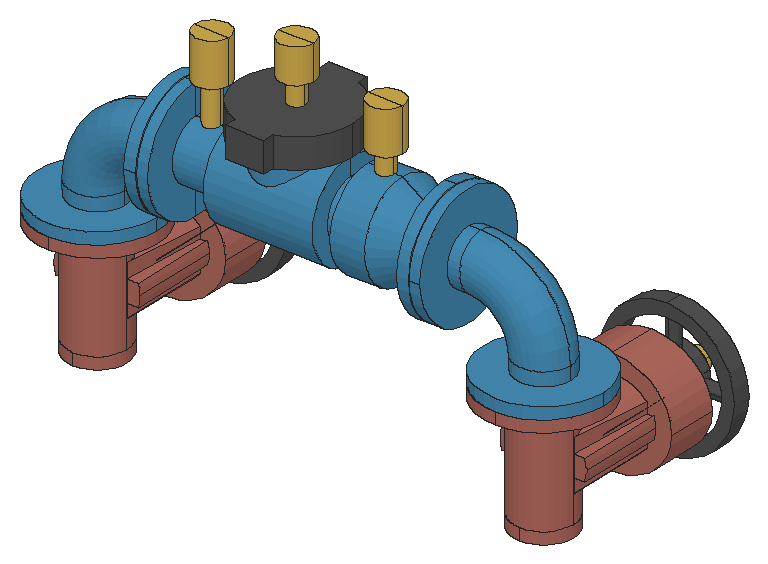
Revit family "backflow_preventer-dc-zurn_wilkins-model_450_450G-(212-3_inch)", category Pipe Accessories, Revit 2022 (continued)
Definition of nested family "Gate Valve_450 2.5in NRS"
  Automatic sketch dimensions
    Blend 5 sketch curve to plane 3 "Center (Left/Right)" = 0' - 0 5/8"  (x4)
    Blend 5 sketch curve to plane 16 = 0' - 0.08399"  (x4)
    plane 3 "Center (Left/Right)" to Blend 5 sketch curve = 0' - 0 5/8"  (x4)
    Blend 5 sketch curve to Blend 5 sketch curve = 0' - 0.08399"
    Blend 5 sketch curve to Blend 5 sketch curve = 0' - 0.41601"
    curve 4 to plane 13 = 0' - 0"
    plane 38 to Revolve 7 sketch curve = 0' - 0 1/2"
    plane 38 to Revolve 7 sketch curve = 0' - 0.48903"
    Revolve 7 sketch curve to plane 30 = 0' - 5 1/8"
    Revolve 7 sketch curve to plane 37 = 0' - 0 3/8"
    plane 37 to Revolve 7 sketch curve = 0' - 0 7/8"
    Revolve 11 sketch curve to plane 33 = 0' - 0 1/4"
    plane 33 to Revolve 11 sketch curve = 0' - 0 1/2"
    Revolve 12 sketch curve to plane 37 = 0' - 0"
    Revolve 12 sketch curve to Revolve 12 sketch curve = 0' - 0 1/4"
    Revolve 12 sketch curve to Revolve 12 sketch curve = 0' - 1 1/4"
Definition of nested family "Symbolic diagram 450G"
  Parameters (values of type "212"")
    Width = 1' - 0"
    Weight = ""
    URL = "www.zurn.com/"
    Symbol total length = 2' - 9 1/2"
    Standards Compliance = ""
    Specification Sheet URL = ""
    Repair Parts URL = ""
    Rated Flow = 0 GPM
    Product Page URL = ""
    Product Install & Maintenance Sheet URL [instance] = ""
    Pressure Loss at Rated Flow = 0.00 psi
    Nominal Radius = 0' - 0"
    Nominal Diameter = 0' - 0"
    Max Working Water Temperature = 0 °F
    Max Working Water Pressure = 0.00 psi
    Manufacturer = "Zurn Wilkins"
    Length = 2' - 0"
    Hydrostatic Test Pressure = 0.00 psi
    Height = 1' - 0"
    Flow = ""
    Flange Dia = 0' - 7"
    Default Elevation = 0' - 0"
  Types (2): name | Symbol total length | Flange Dia
    212" | 2' - 9 1/2" | 0' - 7"
    3" | 2' - 10 1/2" | 0' - 7 1/2"
  Reference planes (in)
    plane 1 "Center (Front/Back)": y = 0
    plane 2: z = 0
    plane 3 "Center (Left/Right)": x = 0
    plane 4 "Left Side Plane": x = -12
    plane 5 "Right side Plane": x = 12
    plane 6 "Back Plane": y = 6
    plane 7 "Front Plane": y = -6
    plane 8 "Top Plane": z = 6
    plane 9 "Bottom Plane": z = -6
    plane 10: z = 1.875
    plane 11: z = -1.875
    plane 12: x = 0.75
    plane 13: x = -0.75
    plane 14: x = -6.75
    plane 15: x = -8.25
    plane 16: x = -14.25
    plane 17: x = 6.75
    plane 18: x = 8.25
    plane 19: x = 14.25
    plane 20: x = -3.75
    plane 21: x = -11.25
    plane 22: x = 3.75
    plane 23: x = 11.25
    plane 24: z = 8.3125
    plane 25: z = 9.75
    plane 26: x = -16.75
    plane 27: x = 16.75
    plane 28: z = -4
    plane 29: z = -7.9375
    plane 30: z = -5.96875
    plane 31: z = -8.9375
    plane 32: y = 1.875
    plane 33: y = -1.875
    plane 34: y = 8.3125
    plane 35: y = 9.75
    plane 36: y = -4
    plane 37: y = -7.9375
    plane 38: y = -5.96875
    plane 39: y = 3
    plane 40: y = -8.9375
    plane 41: z = 0
    plane 42: z = -3.25
    plane 43: x = -2.75
    plane 44: x = 4.75
    plane 45: z = -2.75
    plane 46: z = -3.75
    plane 47: y = -3.25
    plane 48: y = -2.75
    plane 49: y = -3.75
    plane 50: x = -15
    plane 51: x = 15
    plane 52: y = -3.5
    plane 53: y = 3.5
    plane 54: z = -3.5
    plane 55: z = 3.5
  Lines and regions (in)
    symbolic lines, detail levels coarse+medium
      curve 1: line (-0.75, 0, 1.875) -> (-0.75, 0, -1.875)
      curve 2: line (-0.75, 0, -1.875) -> (-6.75, 0, 1.875)
      curve 3: line (-6.75, 0, 1.875) -> (-6.75, 0, -1.875)
      curve 4: line (-6.75, 0, 0) -> (-8.25, 0, 0)
      curve 5: line (-8.25, 0, -1.875) -> (-8.25, 0, 1.875)
      curve 6: line (-8.25, 0, 1.875) -> (-14.25, 0, -1.875)
      curve 7: line (-14.25, 0, -1.875) -> (-14.25, 0, 1.875)
      curve 8: line (-14.25, 0, 1.875) -> (-8.25, 0, -1.875)
      curve 9: line (-0.75, 0, 0) -> (0.75, 0, 0)
      curve 10: line (0.75, 0, -1.875) -> (0.75, 0, 1.875)
      curve 11: line (0.75, 0, 1.875) -> (6.75, 0, -1.875)
      curve 12: line (6.75, 0, -1.875) -> (6.75, 0, 1.875)
      curve 13: line (6.75, 0, 0) -> (8.25, 0, 0)
      curve 14: line (8.25, 0, -1.875) -> (8.25, 0, 1.875)
      curve 15: line (8.25, 0, 1.875) -> (14.25, 0, -1.875)
      curve 16: line (14.25, 0, -1.875) -> (14.25, 0, 1.875)
      curve 17: line (14.25, 0, 1.875) -> (8.25, 0, -1.875)
      curve 18: line (-3.75, 0, 0) -> (-3.75, 0, 3)
      curve 19: line (-4.57135, 0, 1.30857) -> (-2.87525, 0, 0.24874)
      curve 20: line (-4.57135, 0, 2.05857) -> (-2.87525, 0, 0.99874)
      curve 21: line (-4.57135, 0, 2.80857) -> (-2.87525, 0, 1.74874)
      curve 22: line (3.75, 0, 0) -> (3.75, 0, 3)
      curve 23: line (2.92865, 0, 1.30857) -> (4.62475, 0, 0.24874)
      curve 24: line (2.92865, 0, 2.05857) -> (4.62475, 0, 0.99874)
      curve 25: line (2.92865, 0, 2.80857) -> (4.62475, 0, 1.74874)
      curve 26: line (14.25, 0, 0) -> (16.75, 0, 0)
      curve 27: line (-16.75, 0, 0) -> (-14.25, 0, 0)
      curve 55: line (-6.75, 0, -3.25) -> (-2.75, 0, -3.25)
      curve 56: line (-2.75, 0, -2.75) -> (-0.75, 0, -3.25)
      curve 57: line (-0.75, 0, -3.25) -> (-2.75, 0, -3.75)
      curve 58: line (-2.75, 0, -3.75) -> (-2.75, 0, -2.75)
      curve 59: line (0.75, 0, -3.25) -> (4.75, 0, -3.25)
      curve 60: line (4.75, 0, -2.75) -> (4.75, 0, -3.75)
      curve 61: line (4.75, 0, -2.75) -> (6.75, 0, -3.25)
      curve 62: line (6.75, 0, -3.25) -> (4.75, 0, -3.75)
      curve 71: line (0, -3.5, 0) -> (0, 3.5, 0)
      curve 72: line (0, 0, 3.5) -> (0, 0, -3.5)
    model lines, detail levels coarse+medium
      curve 28: line (-0.75, 1.875, 0) -> (-0.75, -1.875, 0)
      curve 29: line (-0.75, -1.875, 0) -> (-6.75, 1.875, 0)
      curve 30: line (-6.75, 1.875, 0) -> (-6.75, -1.875, 0)
      curve 31: line (-6.75, 0, 0) -> (-8.25, 0, 0)
      curve 32: line (-8.25, 1.875, 0) -> (-8.25, -1.875, 0)
      curve 33: line (-8.25, -1.875, 0) -> (-14.25, 1.875, 0)
      curve 34: line (-14.25, 1.875, 0) -> (-14.25, -1.875, 0)
      curve 35: line (-14.25, -1.875, 0) -> (-8.25, 1.875, 0)
      curve 36: line (-14.25, 0, 0) -> (-16.75, 0, 0)
      curve 37: line (0.75, -1.875, 0) -> (0.75, 1.875, 0)
      curve 38: line (0.75, 1.875, 0) -> (6.75, -1.875, 0)
      curve 39: line (6.75, -1.875, 0) -> (6.75, 1.875, 0)
      curve 40: line (6.75, 0, 0) -> (8.25, 0, 0)
      curve 41: line (8.25, 1.875, 0) -> (8.25, -1.875, 0)
      curve 42: line (8.25, -1.875, 0) -> (14.25, 1.875, 0)
      curve 43: line (8.25, 1.875, 0) -> (14.25, -1.875, 0)
      curve 44: line (14.25, -1.875, 0) -> (14.25, 1.875, 0)
      curve 45: line (14.25, 0, 0) -> (16.75, 0, 0)
      curve 46: line (-0.75, 0, 0) -> (0.75, 0, 0)
      curve 47: line (-3.75, 0, 0) -> (-3.75, 3, 0)
      curve 48: line (3.75, 0, 0) -> (3.75, 3, 0)
      curve 49: line (-4.69543, 1.62104, 0) -> (-2.78744, 0.42854, 0)
      curve 50: line (-4.69543, 2.37104, 0) -> (-2.78744, 1.17854, 0)
      curve 51: line (-4.69543, 3.12104, 0) -> (-2.78744, 1.92854, 0)
      curve 52: line (2.80457, 1.62104, 0) -> (4.71256, 0.42854, 0)
      curve 53: line (2.80457, 2.37104, 0) -> (4.71256, 1.17854, 0)
      curve 54: line (2.80457, 3.12104, 0) -> (4.71256, 1.92854, 0)
      curve 63: line (-6.75, -3.25, 0) -> (-2.75, -3.25, 0)
      curve 64: line (-2.75, -2.75, 0) -> (-2.75, -3.75, 0)
      curve 65: line (-2.75, -3.75, 0) -> (-0.75, -3.25, 0)
      curve 66: line (-0.75, -3.25, 0) -> (-2.75, -2.75, 0)
      curve 67: line (0.75, -3.25, 0) -> (4.75, -3.25, 0)
      curve 68: line (4.75, -2.75, 0) -> (4.75, -3.75, 0)
      curve 69: line (4.75, -3.75, 0) -> (6.75, -3.25, 0)
      curve 70: line (6.75, -3.25, 0) -> (4.75, -2.75, 0)
  Dimensions and locks (in)
    equal spacing: plane 5 "Right side Plane", plane 3 "Center (Left/Right)", plane 4 "Left Side Plane"
    "Length": plane 5 "Right side Plane" to plane 4 "Left Side Plane"
    equal spacing: plane 8 "Top Plane", plane 2, plane 9 "Bottom Plane"
    "Height": plane 8 "Top Plane" to plane 9 "Bottom Plane"
    equal spacing: plane 7 "Front Plane", plane 1 "Center (Front/Back)", plane 6 "Back Plane"
    "Width": plane 7 "Front Plane" to plane 6 "Back Plane"
    equal spacing: plane 10, plane 2, plane 11
    locked: plane 10 to plane 11 at 3.75
    equal spacing: plane 12, plane 3 "Center (Left/Right)", plane 13
    locked: plane 12 to plane 13 at 1.5
    locked: plane 13 to plane 14 at 6
    locked: plane 14 to plane 15 at 1.5
    locked: plane 15 to plane 16 at 6
    locked: plane 17 to plane 18 at 1.5
    locked: plane 18 to plane 19 at 6
    locked: plane 12 to plane 17 at 6
    equal spacing: plane 13, plane 20, plane 14
    equal spacing: plane 15, plane 21, plane 16
    equal spacing: plane 12, plane 22, plane 17
    equal spacing: plane 18, plane 23, plane 19
    locked: plane 24 to level at 8.3125
    locked: plane 25 to plane 2 at 9.75
    equal spacing: plane 27, plane 3 "Center (Left/Right)", plane 26
    "Symbol total length": plane 27 to plane 26
    locked: level to plane 28 at 4
    locked: plane 28 to plane 29 at 3.9375
    equal spacing: plane 28, plane 30, plane 29
    locked: plane 29 to plane 31 at 1
    locked: plane 32 to plane 33 at 3.75
    equal spacing: plane 32, plane 1 "Center (Front/Back)", plane 33
    locked: plane 34 to plane 1 "Center (Front/Back)" at 8.3125
    locked: plane 35 to plane 1 "Center (Front/Back)" at 9.75
    locked: plane 36 to plane 1 "Center (Front/Back)" at 4
    locked: plane 36 to plane 37 at 3.9375
    equal spacing: plane 36, plane 38, plane 37
    locked: plane 39 to plane 1 "Center (Front/Back)" at 3
    locked: plane 37 to plane 40 at 1
    locked: plane 2 to plane 42 at 3.25
    locked: plane 43 to plane 14 at 4
    locked: plane 44 to plane 12 at 4
    plane 45 to plane 42 to plane 46 = 0' - 0 1/2" locked, 0' - 0 1/2" locked
    locked: plane 47 to plane 1 "Center (Front/Back)" at 3.25
    plane 48 to plane 47 to plane 49 = 0' - 0 1/2" locked, 0' - 0 1/2" locked
    locked: plane 16 to plane 50 at 0.75
    locked: plane 19 to plane 51 at 0.75
    equal spacing: plane 52, plane 1 "Center (Front/Back)", plane 53
    "Flange Dia": plane 52 to plane 53
    equal spacing: plane 55, plane 2, plane 54
    "Flange Dia": plane 55 to plane 54
    aligned and locked: plane 2 to level
    aligned and locked: plane 16 to curve 7
    aligned and locked: plane 15 to curve 5
    aligned and locked: plane 11 to curve 5
    aligned and locked: plane 10 to curve 7
    aligned and locked: plane 11 to curve 7
    aligned and locked: level to curve 4
    aligned and locked: plane 15 to curve 4
    aligned and locked: plane 14 to curve 4
    aligned and locked: curve 3 to plane 14
    aligned and locked: curve 1 to plane 13
    aligned and locked: plane 10 to curve 3
    aligned and locked: plane 11 to curve 3
    aligned and locked: plane 10 to curve 1
    aligned and locked: plane 13 to curve 9
    aligned and locked: plane 12 to curve 9
    aligned and locked: plane 10 to curve 10
    aligned and locked: plane 11 to curve 10
    aligned and locked: plane 12 to curve 10
    aligned and locked: curve 12 to plane 17
    aligned and locked: plane 10 to curve 12
    aligned and locked: plane 17 to curve 13
    aligned and locked: plane 18 to curve 13
    aligned and locked: plane 11 to curve 14
    aligned and locked: curve 14 to plane 18
    aligned and locked: curve 16 to plane 19
    aligned and locked: plane 10 to curve 16
    aligned and locked: plane 11 to curve 16
    aligned and locked: plane 20 to curve 18
    aligned and locked: level to curve 18
    aligned and locked: curve 22 to plane 22
    aligned and locked: level to curve 22
    aligned and locked: curve 26 to level
    aligned and locked: plane 27 to curve 26
    aligned and locked: plane 26 to curve 27
    aligned and locked: curve 27 to level
    aligned and locked: curve 44 to plane 19
    aligned and locked: plane 33 to curve 44
    aligned and locked: plane 18 to curve 40
    aligned and locked: plane 17 to curve 40
    aligned and locked: plane 1 "Center (Front/Back)" to curve 40
    aligned and locked: plane 1 "Center (Front/Back)" to curve 45
    aligned and locked: plane 27 to curve 45
    aligned and locked: plane 33 to curve 37
    aligned and locked: plane 12 to curve 37
    aligned and locked: plane 32 to curve 39
    aligned and locked: plane 33 to curve 29
    aligned and locked: plane 32 to curve 28
    aligned and locked: plane 33 to curve 30
    aligned and locked: plane 33 to curve 33
    aligned and locked: plane 32 to curve 35
    aligned and locked: curve 31 to plane 1 "Center (Front/Back)"
    aligned and locked: plane 14 to curve 31
    aligned and locked: plane 15 to curve 31
    aligned and locked: plane 33 to curve 35
    aligned and locked: plane 32 to curve 34
    aligned and locked: curve 36 to plane 1 "Center (Front/Back)"
    aligned and locked: plane 26 to curve 36
    aligned and locked: plane 13 to curve 46
    aligned and locked: plane 12 to curve 46
    aligned and locked: plane 1 "Center (Front/Back)" to curve 46
    aligned and locked: plane 32 to curve 43
    aligned and locked: plane 33 to curve 42
    aligned and locked: plane 33 to curve 38
    aligned and locked: plane 32 to curve 42
    aligned and locked: plane 32 to curve 37
    aligned and locked: plane 32 to curve 29
    aligned and locked: plane 16 to curve 35
    aligned and locked: plane 15 to curve 33
    aligned and locked: plane 13 to curve 29
    aligned and locked: plane 18 to curve 42
    aligned and locked: plane 20 to curve 47
    aligned and locked: plane 39 to curve 47
    aligned and locked: plane 39 to curve 48
    aligned and locked: curve 48 to plane 22
    aligned and locked: plane 1 "Center (Front/Back)" to curve 47
    aligned and locked: plane 1 "Center (Front/Back)" to curve 48
    aligned and locked: plane 2 to plane 41
    aligned and locked: curve 55 to plane 42
    aligned and locked: plane 43 to curve 55
    aligned and locked: plane 14 to curve 55
    aligned and locked: plane 43 to curve 58
    aligned and locked: plane 45 to curve 58
    aligned and locked: plane 46 to curve 58
    aligned and locked: curve 59 to plane 42
    aligned and locked: plane 12 to curve 59
    aligned and locked: curve 60 to plane 44
    aligned and locked: plane 44 to curve 59
    aligned and locked: plane 46 to curve 60
    aligned and locked: plane 45 to curve 60
    aligned and locked: curve 67 to plane 47
    aligned and locked: plane 12 to curve 67
    aligned and locked: plane 44 to curve 67
    aligned and locked: plane 49 to curve 69
    aligned and locked: plane 17 to curve 70
    aligned and locked: plane 44 to curve 69
    aligned and locked: plane 48 to curve 68
    aligned and locked: plane 13 to curve 66
    aligned and locked: plane 49 to curve 64
    aligned and locked: plane 48 to curve 66
    aligned and locked: plane 43 to curve 65
    aligned and locked: plane 43 to curve 63
    aligned and locked: plane 14 to curve 63
    aligned and locked: curve 63 to plane 47
    aligned and locked: level to curve 31
    aligned and locked: curve 63 to curve 30
    aligned and locked: curve 71 to plane 2
    aligned and locked: plane 1 "Center (Front/Back)" to curve 72
    aligned and locked: plane 52 to curve 71
    aligned and locked: plane 53 to curve 71
    aligned and locked: plane 55 to curve 72
    aligned and locked: plane 54 to curve 72
    aligned and locked: plane 16 to curve 27
    aligned and locked: plane 19 to curve 26
    aligned and locked: plane 19 to curve 45
    aligned and locked: plane 16 to curve 36
  Automatic sketch dimensions
    curve 56 to plane 13 = 0' - 0"
    plane 17 to curve 62 = 0' - 0"
    curve 62 to plane 42 = 0' - 0"
    curve 57 to plane 42 = 0' - 0"
    curve 13 to level = 0' - 0"
    curve 5 to plane 10 = 0' - 0"
    curve 15 to plane 10 = 0' - 0"
    curve 19 to plane 20 = 0' - 0.82135"
    curve 21 to plane 20 = 0' - 0.82135"
    plane 10 to curve 20 = 0' - 0 47/256"
    curve 21 to curve 20 = 0' - 0"
    curve 20 to plane 43 = 0' - 0.12525"
    curve 19 to plane 43 = 0' - 0.12525"
    curve 21 to plane 43 = 0' - 0.12525"
    plane 22 to curve 25 = 0' - 0.82135"
    plane 22 to curve 23 = 0' - 0.82135"
    plane 10 to curve 24 = 0' - 0 47/256"
    curve 25 to curve 24 = 0' - 0"
    curve 24 to plane 44 = 0' - 0.12525"
    curve 23 to plane 44 = 0' - 0.12525"
    curve 25 to plane 44 = 0' - 0.12525"
    level to curve 23 = 0' - 0.24874"
    level to curve 19 = 0' - 0.24874"
    curve 19 to curve 20 = 0' - 0 3/4"
    curve 23 to curve 24 = 0' - 0 3/4"
    curve 19 to plane 10 = 0' - 0 145/256"
    curve 23 to plane 10 = 0' - 0 145/256"
    curve 21 to plane 10 = 0' - 0.12626"
    curve 25 to plane 10 = 0' - 0.12626"
    curve 21 to plane 55 = 0' - 0 177/256"
    curve 25 to plane 55 = 0' - 0 177/256"
    curve 18 to plane 55 = 0' - 0 1/2"
    curve 22 to plane 55 = 0' - 0 1/2"
    curve 70 to plane 47 = 0' - 0"
    curve 66 to plane 47 = 0' - 0"
    curve 50 to plane 20 = 0' - 0.94543"
    plane 39 to curve 51 = 0' - 0.12104"
    curve 51 to curve 50 = 0' - 0"
    curve 49 to plane 32 = 0' - 0.25396"
    curve 49 to curve 50 = 0' - 0"
    curve 50 to plane 43 = 0' - 0.03744"
    curve 49 to plane 43 = 0' - 0.03744"
    curve 51 to plane 43 = 0' - 0.03744"
    plane 22 to curve 53 = 0' - 0.94543"
    plane 39 to curve 54 = 0' - 0.12104"
    curve 54 to curve 53 = 0' - 0"
    curve 52 to plane 32 = 0' - 0.25396"
    curve 52 to curve 53 = 0' - 0"
    curve 53 to plane 44 = 0' - 0.03744"
    curve 52 to plane 44 = 0' - 0.03744"
    curve 54 to plane 44 = 0' - 0.03744"
    curve 49 to plane 1 "Center (Front/Back)" = 0' - 0.42854"
    curve 52 to plane 1 "Center (Front/Back)" = 0' - 0.42854"
    curve 50 to plane 32 = 0' - 0.69646"
    curve 53 to plane 32 = 0' - 0.69646"
    plane 32 to curve 51 = 0' - 0.05354"
    plane 32 to curve 54 = 0' - 0.05354"
    plane 32 to curve 53 = 0' - 0.49604"
    plane 32 to curve 50 = 0' - 0.49604"
    curve 9 to level = 0' - 0"
Types (4): name | Test Cock Center Height | Symbol Distance | Symbol | Relief valve loction | Product Weight (lbs) | Gate valve | Gate Valve Distance | DIM C Body center to Gate end | DIM B Overall Height | DIM A Length | Rated Flow | Pressure Loss at Rated Flow | Nominal Diameter | Length | Tesk Cock Height | Symbol Length | Height | Gate Length | Elbow Length | Elbow | Body Top radius | Body Sub A | Nominal Radius | Model | Flange Diameter | Test Cock Second Position | Test Cock First Position | Access Panel Radius | Body Size Factor | Body Large Radius | Body Small Radius | Main Body Length
  212-450 (2-1/2" 450) | 0' - 3 3/8" | 0' - 0" | Symbolic diagram 450 : 212" | 0' - 8 1/16" | 182 | Gate Valve_450 2.5in NRS : 2 1/2" | 0' - 8 1/2" | 0' - 11 3/8" | 1' - 8 1/2" | 2' - 2" | 225 GPM | 8.40 psi | 0' - 2 1/2" | 2' - 2" | 0' - 6" | 0' - 3" | 1' - 8 1/2" | 0' - 7 1/2" | 0' - 5 1/16" | Zurn - Flange - Elbow 450 2.5 NRS : 2.5 | 0' - 2 1/2" | 0' - 6.35" | 0' - 1 1/4" | "450" | 0' - 7" | 0' - 11 3/4" | 0' - 1 5/8" | 0' - 3.81" | 0' - 2 1/2" | 0' - 2.8" | 0' - 1 3/4" | 1' - 3 7/8"
  3-450 (3" 450) | 0' - 3" | 0' - 0" | Symbolic diagram 450 : 3" | 0' - 8 5/8" | 207 | Gate Valve_450 2.5in NRS : 3" | 0' - 9 1/2" | 1' - 0 3/8" | 1' - 9 1/2" | 2' - 3" | 320 GPM | 8.20 psi | 0' - 3" | 2' - 3" | 0' - 8" | 0' - 6" | 1' - 9 1/2" | 0' - 8" | 0' - 5 9/16" | Zurn - Flange - Elbow 450 2.5 NRS : 3" | 0' - 2 3/4" | 0' - 6 1/2" | 0' - 1 1/2" | "450" | 0' - 7 1/2" | 1' - 2" | 0' - 1 7/8" | 0' - 3.9" | 0' - 3" | 0' - 3.2" | 0' - 2" | 1' - 7 1/2"
  3-450G (3" 450G) | 0' - 3" | 0' - 3 1/4" | Symbolic diagram 450G : 3" | 0' - 8 5/8" | 207 | Gate Valve_450 2.5in NRS : 3" G | 0' - 0" | 1' - 0 3/8" | 1' - 9 1/2" | 2' - 3" | 320 GPM | 8.20 psi | 0' - 3" | 2' - 3" | 0' - 8" | 0' - 6" | 1' - 9 1/2" | 0' - 8" | 0' - 5 9/16" | Zurn - Flange - Elbow 450 2.5 NRS : 3" | 0' - 2 3/4" | 0' - 6 1/2" | 0' - 1 1/2" | "450G" | 0' - 7 1/2" | 1' - 2" | 0' - 1 7/8" | 0' - 3.9" | 0' - 3" | 0' - 3.2" | 0' - 2" | 1' - 7 1/2"
  212-450G (2-1/2" 450G) | 0' - 3 3/8" | 0' - 3 1/4" | Symbolic diagram 450G : 212" | 0' - 8 1/16" | 182 | Gate Valve_450 2.5in NRS : 2 1/2" G | 0' - 0" | 0' - 11 3/8" | 1' - 8 1/2" | 2' - 2" | 225 GPM | 8.40 psi | 0' - 2 1/2" | 2' - 2" | 0' - 6" | 0' - 3" | 1' - 8 1/2" | 0' - 7 1/2" | 0' - 5 1/16" | Zurn - Flange - Elbow 450 2.5 NRS : 2.5 | 0' - 2 1/2" | 0' - 6.35" | 0' - 1 1/4" | "450G" | 0' - 7" | 0' - 11 3/4" | 0' - 1 5/8" | 0' - 3.81" | 0' - 2 1/2" | 0' - 2.8" | 0' - 1 3/4" | 1' - 3 7/8"
